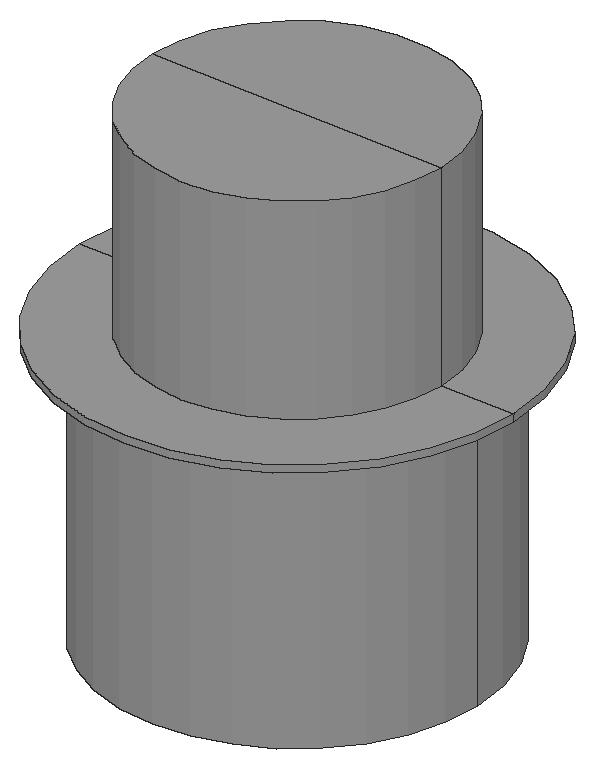
Revit family "Sunflower 900", category Lighting Fixtures, Revit 2017
Family settings
  Round Connector Dimension = Use Diameter
  Part Type = Normal
  OmniClass Number = 23.80.70.00
  OmniClass Title = Lighting
  Work Plane-Based = No
  Always vertical = Yes
  Cut with Voids When Loaded = No
  Light Source = Yes
  Shared = No
  Room Calculation Point = No
Parameters
  Wattage = 6.7321 W
  built-in parameter 1150110 = 1 (stored number, unit not read)
  URL = "https://www.davidtrubridge.com"
  Type Comments = "Base and lamp NOT supplied, for reference only"
  built-in parameter 1114217 = 1 (stored number, unit not read)
  built-in parameter 1150109 = 1 (stored number, unit not read)
  built-in parameter 1150134 = (empty or 0)
  built-in parameter 1150113 = 1 (stored number, unit not read)
  Stem Height [instance] = 640 mm
  Model = ""
  Manufacturer = "David Trubridge"
  Lumens = 1000 lm
  built-in parameter 1150115 = 1 (stored number, unit not read)
  built-in parameter 1150105 = 79.577 (stored number, unit not read)
  Light Source Symbol Size = 100 mm
  built-in parameter 1150137 = (empty or 0)
  built-in parameter 1150139 = (empty or 0)
  built-in parameter 1150112 = 1 (stored number, unit not read)
  built-in parameter 1150114 = 1 (stored number, unit not read)
  built-in parameter 1150132 = 2
  built-in parameter 1150102 = (empty or 0)
  built-in parameter 1150138 = (empty or 0)
  built-in parameter 1150107 = 3000 (stored number, unit not read)
  built-in parameter 1150106 = 0.79577 (stored number, unit not read)
  built-in parameter 1150104 = 13.8 (stored number, unit not read)
  Dimming Lamp Color Temperature Shift = (empty or 0)
  Description = "Lamp shade comes in a large range of colours"
  Color Filter = 16777215
  Base height [instance] = 415 mm
  Base colour [instance] = Default
  Base Diameter [instance] = 140 mm
  built-in parameter 1114218 = 1 (stored number, unit not read)
  built-in parameter 1150133 = 10 (stored number, unit not read)
Reference planes
  plane 1 "Light Source Axis (F/B)": y = 0
  plane 2 "Floor": z = -370
  plane 3 "Light Source Axis (L/R)": x = 0
  plane 4 "Light Source Elevation": z = 1110
  plane 5 "ceiling": z = 2610
  plane 6 "Bottom of shade": z = 680
  plane 7: x = 450
  plane 8: x = -450
  plane 9 "top of shade": z = 1560
Forms (mm)
  Revolve 1, solid, material "Default" <- "Base colour", not visible
    sketch origin (0, 0, 0) x (1, 0, 0) y (0, 0, 1)
      loop
        line (0.027, 250) -> (25.027, 250) -> (25.027, 287) -> (30.027, 287) -> (30.027, 288) -> (20.027, 288) -> (20.027, 315) -> (0.027, 315) -> (0.027, 250)
      axis (0.027, 315) -> (0.027, 250)
    angle from 0 to 360
Dimensions and locks
  plane 8 to plane 7 = 900 mm
  plane 7 to plane 3 "Light Source Axis (L/R)" = 450 mm
  aligned and locked: plane 3 "Light Source Axis (L/R)" to imposter light
  aligned and locked: plane 1 "Light Source Axis (F/B)" to imposter light
  aligned and locked: plane 4 "Light Source Elevation" to imposter light
